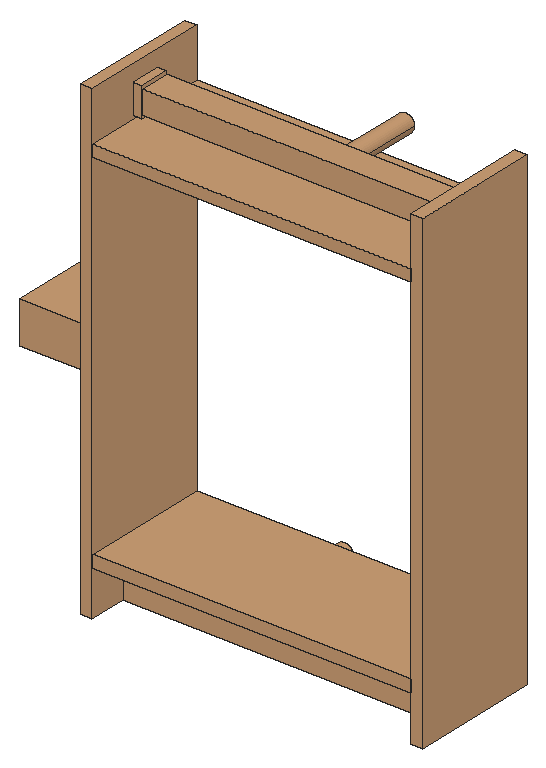
Revit family
Parameters
  Center Of Unit = 0' - 0"  # constant formula
  Water Pressure Drop [instance] = 0.00 psi
  Water Flow [instance] = 0 GPM
  Unit Weight (lbs) = 573
  URL = "http://www.ljwing.com/"
  Water Outlet Radius = 0' - 1 1/2"
  Water Outlet Odd sizes = 0' - 5 23/64"
  Total Heating Capacity [instance] = 0.0 Btu/h
  Temperature Rise [instance] = 0 °F
  Series = "VIFB"
  Outlet Area = 22.30 SF
  Number of Rows = 1  # constant formula
  Number of Coils [instance] = 0
  Nominal Length = 4' - 9 5/8"
  Model = "VD-5"
  Manufacturer = "LJ Wing"
  Leaving Water Temperature [instance] = 0 °F
  Leaving Air Temperature [instance] = 0 °F
  Face Velocity (FPM) [instance] = 0
  Entering Water Temperature [instance] = 0 °F
  Entering Air Temperature [instance] = 0 °F
  Description = "Vertical Integral Face & Bypass Water Heating Coils"
  Hot Water Odd Sizes = 0' - 5 23/64"
  Hot Water Inlet Offset = 0' - 4 3/8"  # constant formula
  Hot Water Inlet  Radius = 0' - 1 1/2"
  Coil Face Area = Outlet Area * 0.56  # 12.488 SF
  Casing Material = ""
  Assembly Code = "D3020300"
  Air Pressure Drop [instance] = 0.00 in-wg
  Air Inlet Width = Nominal Length - 0' 4"  # 4' - 5 5/8"
  Air Inlet Height = Y  # 5' - 0"
  Air Flow [instance] = 0 CFM
  Z = 0' - 3 3/4"
  Y = 5' - 0"
  S = 0' - 9 3/4"
  Product URL = "http://www.ljwing.com/html/vifb.asp"
  OmniClass = "23-75 70 21 14"
  Nominal Height = 6' - 8"
  Nominal Depth = 1' - 10"
  R = 0' - 10 1/4"
  Q = 0' - 4 13/16"
  P = 0' - 5 1/8"
  L = 0' - 5 15/16"
Reference planes (in)
  plane 1 "Center (Front/Back)": y = 0
  plane 2: z = -30
  plane 3 "Center (Left/Right)": x = 0
  plane 4: z = 40.25
  plane 5: x = -28.8125
  plane 6: x = 28.8125
  plane 7: z = -39.75
  plane 8: z = 0
  plane 9: y = -11
  plane 10: y = 11
  plane 11: z = 30
  plane 12: z = 32
  plane 13: z = -32
  plane 14: x = 26.8125
  plane 15: x = -26.8125
  plane 16: z = 35.125
  plane 17: z = -33.8125
  plane 18: x = -24
  plane 19: x = 24
  plane 20: y = 14.75
  plane 21: y = 15.375
  plane 22: x = -39.8125
  plane 23: x = 5.35938
  plane 24: x = -5.35937
  plane 25: z = 37.125
  plane 26: z = 33.125
  plane 27: y = -2.5
  plane 28: y = 2.5
  plane 29: y = -4.5
Forms (in)
  Extrusion 1, solid, material "Painted Finish"
    sketch origin (0, 6, -9.75) x (1, 0, 0) y (0, 0, 1)
      loop
        line (-28.8125, -30) -> (-26.8125, -30) -> (-26.8125, 50) -> (-28.8125, 50) -> (-28.8125, -30)
      loop
        line (28.8125, -30) -> (28.8125, 50) -> (26.8125, 50) -> (26.8125, -30) -> (28.8125, -30)
    from -5 to 17
  Extrusion 2, solid, material "Painted Finish"
    sketch origin (0, 6, 0) x (1, 0, 0) y (0, 0, 1)
      loop
        line (26.8125, -30) -> (-26.8125, -30) -> (-26.8125, -32) -> (26.8125, -32) -> (26.8125, -30)
      loop
        line (26.8125, 30) -> (26.8125, 32) -> (-26.8125, 32) -> (-26.8125, 30) -> (26.8125, 30)
    from -5 to 17
  Extrusion 3, solid, material "Painted Finish"
    sketch origin (0, 10, -0.5) x (1, 0, 0) y (0, 0, 1)
      loop
        line (-28.8125, 4) -> (-39.8125, 4) -> (-39.8125, -3) -> (-28.8125, -3) -> (-28.8125, 4)
    from 0 to 20
  Extrusion 4, solid, material "Painted Finish"
    sketch origin (0, 6, 0) x (1, 0, 0) y (0, 0, 1)
      loop
        line (-25.1875, 37.125) -> (-25.1875, 33.125) -> (25.1875, 33.125) -> (25.1875, 37.125) -> (-25.1875, 37.125)
    from 3.5 to 8.5
  Extrusion 5, solid, material "Painted Finish"
    sketch origin (0, 0, 0) x (1, 0, 0) y (0, 0, 1)
      loop
        line (-25.1875, 32.625) -> (-25.1875, 37.625) -> (-26.8125, 37.625) -> (-26.8125, 32.625) -> (-25.1875, 32.625)
      loop
        line (26.8125, 32.625) -> (26.8125, 37.625) -> (25.1875, 37.625) -> (25.1875, 32.625) -> (26.8125, 32.625)
    from -2.5 to 2.5
  Extrusion 6, solid, material "Painted Finish"
    sketch origin (0, 23, 0) x (1, 0, 0) y (0, 0, 1)
      loop
        circle (5.35938, 35.125) r 1.5
    from 8.25 to 20.5
  Extrusion 7, solid, material "Painted Finish"
    sketch origin (0, 6, 0) x (1, 0, 0) y (0, 0, 1)
      loop
        line (-26.8125, -32) -> (-26.8125, -39.75) -> (26.8125, -39.75) -> (26.8125, -32) -> (-26.8125, -32)
    from -5 to 10.5
  Extrusion 8, solid, material "Painted Finish"
    sketch origin (0, 23, 0) x (1, 0, 0) y (0, 0, 1)
      loop
        circle (-5.35937, -33.8125) r 1.5
    from 7.625 to 12
  Extrusion 9, void
    sketch origin (0, 0, 0) x (1, 0, 0) y (0, 0, 1)
      loop
        line (-26.8125, 30) -> (-26.8125, -30) -> (26.8125, -30) -> (26.8125, 30) -> (-26.8125, 30)
    from -11 to 11
Cuts and joins
  Extrusion 9 cuts Extrusion 1
  Extrusion 9 cuts Extrusion 2
Dimensions and locks (in)
  "Nominal Length": plane 6 to plane 5
  equal spacing: plane 6, plane 3 "Center (Left/Right)", plane 5
  "S": plane 2 to plane 7
  "Nominal Depth": plane 10 to plane 9
  equal spacing: plane 10, plane 1 "Center (Front/Back)", plane 9
  "Y": plane 11 to plane 2
  "R": plane 4 to plane 11
  locked: plane 12 to plane 11 at 2
  locked: plane 2 to plane 13 at 2
  "P": plane 4 to plane 16
  "L": plane 17 to plane 7
  "Q": plane 18 to plane 5
  "Q": plane 6 to plane 19
  "Z": plane 20 to plane 10
  "Hot Water Inlet Offset": plane 21 to plane 10
  locked: plane 5 to plane 22 at 11
  locked: Extrusion 3 sketch curve to Extrusion 3 sketch curve at 7
  locked: Extrusion 3 to Extrusion 3 at 20
  locked: plane 6 to plane 14 at 2
  locked: plane 15 to plane 5 at 2
  "Water Outlet Odd sizes": plane 23 to plane 3 "Center (Left/Right)"
  "Hot Water Odd Sizes": plane 3 "Center (Left/Right)" to plane 24
  equal spacing: plane 25, plane 16, plane 26
  locked: Extrusion 5 sketch curve to plane 25 at 0.5
  locked: plane 26 to Extrusion 5 sketch curve at 0.5
  locked: Extrusion 6 sketch curve to plane 16 at 0
  locked: Extrusion 6 sketch curve to plane 23 at 0
  locked: Extrusion 8 sketch curve to plane 17 at 0
  locked: Extrusion 8 sketch curve to plane 24 at 0
  locked: plane 25 to plane 26 at 4
  locked: plane 28 to plane 27 at 5
  equal spacing: plane 28, plane 1 "Center (Front/Back)", plane 27
  locked: plane 27 to plane 29 at 2
  plane 4 to plane 7 = 6' - 8"
  locked: Extrusion 5 sketch curve to Extrusion 1 at 1.625
  locked: Extrusion 5 sketch curve to Extrusion 5 sketch curve at 1.625
  locked: Extrusion 9 sketch curve to plane 11 at 0
  locked: Extrusion 9 sketch curve to plane 15 at 0
  locked: Extrusion 9 sketch curve to plane 14 at 0
  locked: Extrusion 9 sketch curve to plane 2 at 0
  equal spacing: plane 11, plane 8, plane 2
  "Water Outlet Radius": radius of Extrusion 6 sketch curve
  "Hot Water Inlet  Radius": radius of Extrusion 8 sketch curve
  aligned and locked: Extrusion 1 to plane 9
  aligned and locked: Extrusion 1 to plane 10
  aligned and locked: Extrusion 1 to plane 15
  aligned and locked: Extrusion 1 to plane 14
  aligned and locked: Extrusion 2 to plane 9
  aligned and locked: plane 9 to Extrusion 1
  aligned and locked: plane 10 to Extrusion 1  (x2)
  aligned and locked: Extrusion 2 to plane 10
  aligned and locked: plane 10 to Extrusion 2  (x2)
  aligned and locked: plane 9 to Extrusion 2  (x2)
  aligned and locked: plane 5 to Extrusion 3
  aligned and locked: Extrusion 5 sketch curve to plane 15
  aligned and locked: Extrusion 5 sketch curve to Extrusion 4
  aligned and locked: Extrusion 6 to plane 20
  aligned and locked: Extrusion 1 to Extrusion 7
  aligned and locked: Extrusion 8 to plane 10
  aligned and locked: plane 21 to Extrusion 8
  aligned and locked: plane 27 to Extrusion 5
  aligned and locked: Extrusion 5 to Extrusion 4  (x2)
  aligned and locked: Extrusion 5 to plane 28
  aligned and locked: Extrusion 6 to Extrusion 4
  aligned and locked: Extrusion 7 to plane 29  (x2)
  aligned and locked: Extrusion 8 to Extrusion 7
  aligned and locked: Extrusion 4 to Extrusion 5  (x2)
  aligned and locked: Extrusion 5 to Extrusion 1  (x2)
  aligned and locked: plane 2 to Extrusion 2
  aligned and locked: Extrusion 1 sketch curve to plane 6
  aligned and locked: Extrusion 1 sketch curve to plane 14
  aligned and locked: Extrusion 1 sketch curve to plane 15
  aligned and locked: Extrusion 1 sketch curve to plane 5
  aligned and locked: plane 7 to Extrusion 1 sketch curve  (x2)
  aligned and locked: Extrusion 1 sketch curve to plane 4  (x2)
  aligned and locked: Extrusion 2 sketch curve to plane 11
  aligned and locked: Extrusion 2 sketch curve to plane 12
  aligned and locked: Extrusion 2 sketch curve to plane 14  (x2)
  aligned and locked: Extrusion 2 sketch curve to plane 15  (x2)
  aligned and locked: Extrusion 2 sketch curve to plane 13
  aligned and locked: plane 2 to Extrusion 2 sketch curve
  aligned and locked: plane 13 to Extrusion 7 sketch curve
  aligned and locked: Extrusion 7 sketch curve to plane 7
  aligned and locked: Extrusion 7 sketch curve to plane 14
  aligned and locked: Extrusion 7 sketch curve to plane 15
  aligned and locked: cut or joined group of Extrusion 1, Extrusion 9 to plane 10
  aligned and locked: Extrusion 8 to plane 21
Automatic sketch dimensions
  Extrusion 3 sketch curve to plane 22 = 0' - 0"
  Extrusion 3 sketch curve to plane 5 = 0' - 0"
  plane 8 to Extrusion 3 sketch curve = 0' - 3 1/2"
  Extrusion 4 sketch curve to plane 25 = 0' - 0"
  Extrusion 4 sketch curve to plane 26 = 0' - 0"
  Extrusion 4 sketch curve to plane 18 = 0' - 1 3/16"
  plane 19 to Extrusion 4 sketch curve = 0' - 1 3/16"
  plane 26 to Extrusion 5 sketch curve = 0' - 0 1/2"
  Extrusion 5 sketch curve to plane 25 = 0' - 0 1/2"
Connectors (in)
  hvac at (0, -11, 0), driven by "Air Inlet Height", driven by "Air Inlet Width", driven by "Air Flow", driven by "Air Pressure Drop"
    settings: on Extrusion 9, index 1
  hvac at (0, 11, 0), driven by "Air Pressure Drop", driven by "Air Inlet Height", driven by "Air Inlet Width", driven by "Air Flow"
    settings: on Extrusion 9, index 2
  piping at (5.35938, 14.75, 35.125), driven by "Water Flow", driven by "Water Outlet Radius", driven by "Water Pressure Drop"
    settings: on Extrusion 6, index 3
  piping at (-5.35937, 15.375, -33.8125), driven by "Water Flow", driven by "Water Pressure Drop", driven by "Hot Water Inlet  Radius"
    settings: on Extrusion 8, index 4
